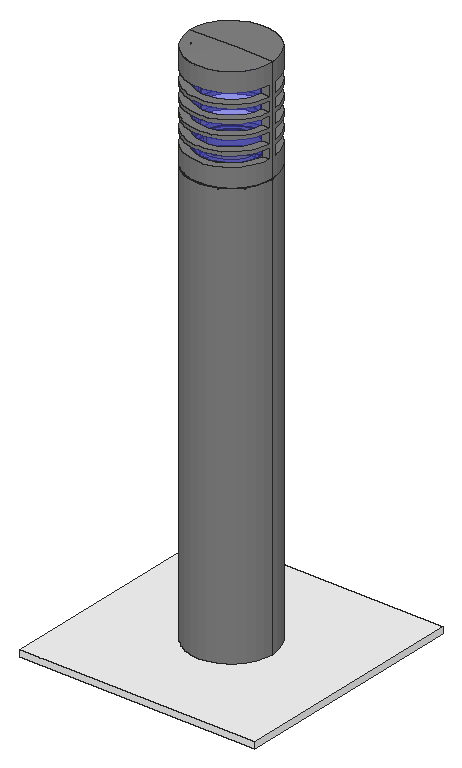
Revit family "BE_84430_de_DE", category Leuchten, Revit 2020
Family settings
  Basisbauteil = Fläche
  Bemaßung runder Anschluss = Durchmesser verwenden
  Teiletyp = Normal
  Beim Laden mit Abzugskörper schneiden = Ja
  Lichtquelle = Ja
  Gemeinsam genutzt = Nein
  Raumberechnungspunkt = Ja
Parameters (values of type "BEGA_84430_Grafit_K3")
  built-in parameter 1150104 = 12.747 (stored number, unit not read)
  Wattage = 8.2 W
  Default Elevation = 0 mm
  built-in parameter 1150113 = 1 (stored number, unit not read)
  built-in parameter 1114218 = 1 (stored number, unit not read)
  Umgebungstemperatur = "25 °C"
  URL = "https://www.bega.com/de/produkt/84430"
  Typenkommentare = "© 2022 BEGA. Wir behalten uns das Recht vor, technische Änderungen ohne vorherige Ankündigung vorzunehmen."  # constant formula
  Type Image = 84430.png
  built-in parameter 1150134 = (empty or 0)
  built-in parameter 1150109 = 1 (stored number, unit not read)
  Strom = ""
  built-in parameter 1150110 = 1 (stored number, unit not read)
  Spannung = 239.996 V
  Sonderanfertigung = no
  Seriennummer [instance] = "Hier können Sie die eindeutige Seriennummer für das Facility Management eintragen."
  Schutzklasse = "I"
  Schutzart = "IP 65"
  Scheinlast = 0 VA
  Produktdatenblatt = "https://cdn.bega.com/bega/products/84430AK3/current/documents/data-sheets/de"
  Oberflächentemperatur = ""
  Neigungswinkel = 0.00°
  Modell = "84430K3"
  Material_18 = BEGA_Gummi_schwarz
  Material_17 = BEGA_Reflektor
  Material_15 = BEGA_Leuchtmedium_matt
  Material_11 = BEGA_Glas_opal
  Material_09 = BEGA_Glas_klar
  Material_08 = BEGA_Oberfläche_Stahl_verzinkt
  Material_06 = BEGA_Oberfläche_Edelstahl_gebürstet
  Material_03 = BEGA_Oberfläche_Weiss_matt
  Material_02 = BEGA_Oberfläche_Silber_matt
  Material_01 [instance] = BEGA_Oberfläche_Grafit_matt
  M_W = no
  M_G = yes
  M_A = no
  Logo = 0
  built-in parameter 1114217 = 1 (stored number, unit not read)
  built-in parameter 1150139 = (empty or 0)
  built-in parameter 1150105 = 89.534 (stored number, unit not read)
  built-in parameter 1150114 = 1 (stored number, unit not read)
  Lumens = 1125.12 lm
  built-in parameter 1150115 = 1 (stored number, unit not read)
  Leuchtenlichtstrom = "331 lm"
  Leuchtenanzahl = ""
  Lebensdauerkriterien = "L70B50 @ 25 °C = 200000 h"
  Lastklassifizierung = Beleuchtung
  built-in parameter 1150112 = 1 (stored number, unit not read)
  Lampenlichtstrom = "1395 lm"
  Lampe = "LED 8 W"
  LED_Modulbezeichnung = "LED-0292/830"
  built-in parameter 1150142 = (empty or 0)
  Hersteller = "BEGA"  # constant formula
  Halbstreuwinkel = ""
  Gewicht = "6.8 kg"
  Gebrauchslageneinschränkung [instance] = ""
  Frequenz = "0/50-60 Hz"
  Farbwiedergabeindex = "CRI > 80"
  Farbtemperaturverschiebung bei Dämpfen der Lampe = <Keine Auswahl>
  Farbtemperatur = "3000 K"
  Color Filter = 16777215
  built-in parameter 1150133 = 10 (stored number, unit not read)
  Energieeffizienzklasse = "LED A++ - A"
  built-in parameter 1150137 = (empty or 0)
  built-in parameter 1150132 = (empty or 0)
  ENEC = "ja"
  Dimmbar [instance] = "DALI"
  Datei für fotometrisches Netz = "BE_84430K3.IES"
  CE_Konformität = "ja"
  Bestellnummer = "84430K3"
  Beschreibung_Sonderanfertigung = "Hier können Sie Informationen zur Sonderanfertigung eintragen."
  Beschreibung = "Garten- und Wegeleuchte"
  built-in parameter 1150106 = 0.89534 (stored number, unit not read)
  Befestigungsbohrung = "Ø 9 mm"
  Befestigungsabstand = ""
  Ballwurfsicher = ""
  BEGA_Intern_aus = yes
  BEGA_Intern_an = yes
  BEGA_Intern_Konstruktion = yes
  BEGA_Intern = yes
  BEGA_IES = yes
  BEGA_Dummy = no
  Anschlussleitung = ""
  Anschlussleistung [instance] = "9.8 W"
  built-in parameter 1150107 = 3000 (stored number, unit not read)
  built-in parameter 1150102 = (empty or 0)
  built-in parameter 1150138 = (empty or 0)
  Aktualisierung = "2022-05-19T04:00:07"
  Abstand_zur_angestrahlten_Fläche [instance] = ""
  AC/DC = "AC/DC"
Types (4, lengths in mm): name | built-in parameter 1150134 | Modell | M_G | M_A | Leuchtenlichtstrom | Lampenlichtstrom | LED_Modulbezeichnung | Farbtemperatur | Datei für fotometrisches Netz | Bestellnummer | built-in parameter 1150107
  BEGA_84430_Silber_K3 | (empty or 0) | "84430AK3" | no | yes | "331 lm" | "1395 lm" | "LED-0292/830" | "3000 K" | "BE_84430K3.IES" | "84430AK3" | 3000 (stored number, unit not read)
  BEGA_84430_Silber_K4 | 12 | "84430AK4" | no | yes | "336 lm" | "1415 lm" | "LED-0292/840" | "4000 K" | "BE_84430K4.IES" | "84430AK4" | 4000 (stored number, unit not read)
  BEGA_84430_Grafit_K3 | (empty or 0) | "84430K3" | yes | no | "331 lm" | "1395 lm" | "LED-0292/830" | "3000 K" | "BE_84430K3.IES" | "84430K3" | 3000 (stored number, unit not read)
  BEGA_84430_Grafit_K4 | 12 | "84430K4" | yes | no | "336 lm" | "1415 lm" | "LED-0292/840" | "4000 K" | "BE_84430K4.IES" | "84430K4" | 4000 (stored number, unit not read)
Reference planes
  plane 1 "Mitte (Vorne/Hinten)": y = 0
  plane 2: z = 0
  plane 3 "Mitte (Links/Rechts)": x = 0
  plane 4 "Links": x = -70
  plane 5 "Rechts": x = 70
  plane 6 "Unten": y = -70
  plane 7 "Oben": y = 70
  plane 8 "Vorne": z = 906.03
  plane 9 "Hinten": z = 0
Forms (mm)
  Extrusion 1, solid, material "BEGA_Platte_Weiss"
    sketch origin (0, -1119.2, 0) x (1, 0, 0) y (0, 1, 0)
      loop
        line (-200, 1319.2) -> (-200, 919.2) -> (200, 919.2) -> (200, 1319.2) -> (-200, 1319.2)
    from 0 to -10
  Extrusion 2, solid, material "BEGA_Dummy_matt", visible <- "BEGA_Dummy"
    sketch origin (77.149, -76.023, 0) x (1, 0, 0) y (0, 1, 0)
      loop
        circle (-77.149, 76.023) r 70
    from 0 to 906.03
Dimensions and locks
  plane 1 "Mitte (Vorne/Hinten)" to Extrusion 1 = 200 mm
  aligned and locked: plane 2 to Extrusion 1
  aligned and locked: level to Extrusion 1
Nested families
  nested 1: "84430" at (0, 0, 0), type "84430"
Connectors
  electrical at (0, 0, 0), driven by "Lastklassifizierung", driven by "Spannung", driven by "Scheinlast"
    settings: index 1, voltage 239.996 V, apparent load 0 VA, apparent load phase1 0 VA, apparent load phase2 0 VA, apparent load phase3 0 VA, power factor 1, load classification "Beleuchtung", number of poles 1, system type 31, power factor state 1, is connector primary yes, connector utility no, sub classification motor no, connector description ""
Definition of nested family "84430"
  Parameters (values of type "84430")
    Default Elevation = 1 mm
    URL = "http://www.bega.de/de/produkt"
    Type Comments = "© 2015 BEGA. Wir behalten uns das Recht vor, technische Änderungen ohne vorherige Ankündigung vorzunehmen. "  # constant formula
    Type Image = (empty or 0)
    Neigungswinkel_um_Z2 = 0.00°
    Neigungswinkel_um_Z1 = 0.00°
    Neigungswinkel_um_Y2 = 0.00°
    Neigungswinkel_um_Y1 = 0.00°
    Neigungswinkel_um_X2 = 0.00°
    Neigungswinkel_um_X1 = 0.00°
    Material_18 = none
    Material_17 = none
    Material_15 = none
    Material_11 = none
    Material_09 = none
    Material_08 = none
    Material_06 = none
    Material_02 = none
    Material_01 = none
    M_W = yes
    M_G = yes
    M_A = yes
    Länge_Platte = 200 mm  # constant formula
    Höhe_Platte = -10 mm  # constant formula
    Manufacturer = "BEGA"  # constant formula
    Drehwinkel_um_Z2 = 0.00°
    Drehwinkel_um_Z1 = 0.00°
    Breite_Platte = 200 mm  # constant formula
  Reference planes
    plane 1 "Mitte (Oben/Unten)": y = 0
    plane 2: z = 0
    plane 3 "Mitte (Links/Rechts)": x = 0
    plane 4 "Links": x = -70
    plane 5 "Rechts": x = 70
    plane 6 "Oben": y = 70
    plane 7 "Unten": y = -70
    plane 8: z = 906.03
    plane 9: z = 0
  Forms (mm)
    Extrusion 1, solid, detail levels medium
      sketch origin (0, 0, 0) x (1, 0, 0) y (0, 1, 0)
        loop
          line (-100, 100) -> (-100, -100) -> (100, -100) -> (100, 100) -> (-100, 100)
      from 0 to -10 <- "Höhe_Platte"
    Revolve 2, solid, material <- "Material_01", visible <- "M_G"
      sketch origin (0, 0, 0) x (1, 0, 0) y (0, 0, 1)
        loop
          line (-70, 725.578) -> (-70, 0) -> (-66.5, 0) -> (-66.5, 711.078) -> (-53.538, 711.078) -> (-53.538, 745.534) -> (-56.685, 745.534) -> (-56.685, 749.545) -> (-59.513, 749.545) -> (-59.513, 727.578) -> (-69, 727.578) -> (-69, 725.578) -> (-70, 725.578)
        axis (0, 749.545) -> (0, 0)
      angle from 0 to 360
    Revolve 3, solid, material <- "Material_18"
      sketch origin (0, 0, 0) x (1, 0, 0) y (0, 0, 1)
        loop
          circle (-54.006, 748.057) r 2.469
        axis (0, 748.057) -> (0, 747.057)
      angle from 0 to 360
    Revolve 4, solid, material <- "Material_11"
      sketch origin (0, 0, 0) x (1, 0, 0) y (0, 0, 1)
        loop
          line (0, 889.668) -> (0, 893.578) -> (-53.516, 893.578) -> (-56.013, 750.499) -> (-47.699, 750.499) -> (-47.699, 726.078) -> (-42, 726.078) -> (-42, 754.609) -> (-51.929, 754.609) -> (-49.572, 889.668) -> (0, 889.668)
        axis (0, 893.578) -> (0, 726.078)
      angle from 0 to 360
    Revolve 5, solid, material <- "Material_01", visible <- "M_G"
      sketch origin (0, 0, 0) x (1, 0, 0) y (0, 0, 1)
        loop
          line (0, 902.317) -> (0, 906.03) -> (-70, 904.853) -> (-70, 727.878) -> (-67, 727.878) -> (-67, 751.878) -> (-57.625, 751.878) -> (-54.999, 902.317) -> (0, 902.317)
        axis (0, 906.03) -> (0, 727.878)
      angle from 0 to 360
    Revolve 6, solid, material <- "Material_08"
      sketch origin (0, 0, 0) x (1, 0, 0) y (0, 0, 1)
        loop
          line (-44.5, 120) -> (-44.5, 3) -> (-42.5, 3) -> (-42.5, 120) -> (-44.5, 120)
        axis (0, 120) -> (0, 3)
      angle from 0 to 360
    Extrusion 7, solid, material <- "Material_08"
      sketch origin (0, 0, 0) x (1, 0, 0) y (0, 1, 0)
        loop
          circle (0, 0) r 47.5
        loop
          arc (-28.061, 21.397) -> (-34.208, 19.75) -> (-32.561, 13.603) r 4.5
          line (-32.561, 13.603) -> (-30.396, 12.352)
          arc (-30.396, 12.352) -> (-24.25, 13.998) -> (-25.891, 20.144) r 4.5
          line (-25.891, 20.144) -> (-28.061, 21.397)
        loop
          line (28.444, 21.594) -> (25.952, 20.191)
          arc (25.952, 20.191) -> (24.147, 14.163) -> (30.125, 12.196) r 4.511
          line (30.125, 12.196) -> (32.567, 13.607)
          arc (32.567, 13.607) -> (34.309, 19.564) -> (28.444, 21.594) r 4.5
        loop
          line (-4.491, -32.221) -> (-4.491, -35.279)
          arc (-4.491, -35.279) -> (0.14, -39.498) -> (4.5, -35) r 4.5
          line (4.5, -35) -> (4.5, -32.5)
          arc (4.5, -32.5) -> (0.14, -28.002) -> (-4.491, -32.221) r 4.5
        loop
          arc (-6.161, -24.624) -> (0, -22.5) -> (6.161, -24.624) r 10
          arc (6.161, -24.624) -> (16.111, -27.784) -> (25.712, -23.694) r 14.991
          arc (25.712, -23.694) -> (30.54, -17.024) -> (33.674, -9.41) r 34.964
          arc (33.674, -9.41) -> (31.697, 0.879) -> (23.495, 7.398) r 15.084
          arc (23.495, 7.398) -> (19.048, 12.099) -> (18.411, 18.538) r 10
          arc (18.411, 18.538) -> (16.071, 27.886) -> (8.545, 33.904) r 15.068
          arc (8.545, 33.904) -> (0.695, 34.957) -> (-7.19, 34.217) r 34.964
          arc (-7.19, 34.217) -> (-15.949, 27.922) -> (-18.198, 17.372) r 14.96
          arc (-18.198, 17.372) -> (-19.496, 11.211) -> (-24.215, 7.043) r 10.011
          arc (-24.215, 7.043) -> (-32.186, -0.215) -> (-33.206, -10.946) r 14.957
          arc (-33.206, -10.946) -> (-30.244, -17.544) -> (-25.986, -23.392) r 34.964
          arc (-25.986, -23.392) -> (-16.313, -27.748) -> (-6.161, -24.624) r 14.967
      from 3 to 0
    Revolve 8, solid, material <- "Material_02", visible <- "M_A"
      sketch origin (0, 0, 0) x (1, 0, 0) y (0, 0, 1)
        loop
          line (-70, 725.578) -> (-70, 0) -> (-66.5, 0) -> (-66.5, 711.078) -> (-53.538, 711.078) -> (-53.538, 745.534) -> (-56.685, 745.534) -> (-56.685, 749.545) -> (-59.513, 749.545) -> (-59.513, 727.578) -> (-69, 727.578) -> (-69, 725.578) -> (-70, 725.578)
        axis (0, 749.545) -> (0, 0)
      angle from 0 to 360
    Extrusion 9, void
      sketch origin (0, 0, 0) x (0, 1, 0) y (0, 0, 1)
        loop
          line (-73.578, 872.572) -> (-73.578, 854.693) -> (-5, 854.693) -> (-5, 872.572) -> (-73.578, 872.572)
        loop
          line (5, 872.572) -> (5, 854.693) -> (73.285, 854.693) -> (73.285, 872.572) -> (5, 872.572)
        loop
          line (-73.578, 848.538) -> (-73.578, 830.713) -> (-5, 830.713) -> (-5, 848.538) -> (-73.578, 848.538)
        loop
          line (5, 848.538) -> (5, 830.713) -> (73.285, 830.713) -> (73.285, 848.538) -> (5, 848.538)
        loop
          line (-73.578, 824.588) -> (-73.578, 806.537) -> (-5, 806.537) -> (-5, 824.588) -> (-73.578, 824.588)
        loop
          line (5, 824.588) -> (5, 806.537) -> (73.285, 806.537) -> (73.285, 824.588) -> (5, 824.588)
        loop
          line (-73.578, 800.788) -> (-73.578, 782.737) -> (-5, 782.737) -> (-5, 800.788) -> (-73.578, 800.788)
        loop
          line (5, 800.788) -> (5, 782.737) -> (73.285, 782.737) -> (73.285, 800.788) -> (5, 800.788)
        loop
          line (-73.578, 776.586) -> (-73.578, 758.669) -> (-5, 758.669) -> (-5, 776.586) -> (-73.578, 776.586)
        loop
          line (5, 776.586) -> (5, 758.669) -> (73.285, 758.669) -> (73.285, 776.586) -> (5, 776.586)
      from -80 to 80
    Revolve 10, solid, material <- "Material_02", visible <- "M_A"
      sketch origin (0, 0, 0) x (1, 0, 0) y (0, 0, 1)
        loop
          line (0, 902.317) -> (0, 906.03) -> (-70, 904.853) -> (-70, 727.878) -> (-67, 727.878) -> (-67, 751.878) -> (-57.625, 751.878) -> (-54.999, 902.317) -> (0, 902.317)
        axis (0, 906.03) -> (0, 727.878)
      angle from 0 to 360
  Cuts and joins
    joined: Revolve 6, Extrusion 7
    Extrusion 9 cuts Revolve 5
    Extrusion 9 cuts Revolve 10
  Dimensions and locks
    equal spacing: Extrusion 1 sketch curve, plane 3 "Mitte (Links/Rechts)", Extrusion 1 sketch curve
    equal spacing: Extrusion 1 sketch curve, plane 1 "Mitte (Oben/Unten)", Extrusion 1 sketch curve
    "Länge_Platte": Extrusion 1 sketch curve to Extrusion 1 sketch curve
    "Breite_Platte": Extrusion 1 sketch curve to Extrusion 1 sketch curve
    Extrusion 9 sketch curve to plane 1 "Mitte (Oben/Unten)" = 5 mm
    plane 1 "Mitte (Oben/Unten)" to Extrusion 9 sketch curve = 5 mm
    aligned and locked: plane 2 to Extrusion 1
    aligned and locked: level to Extrusion 1
  Automatic sketch dimensions
    Revolve 6 sketch curve to plane 3 "Mitte (Links/Rechts)" = 0 mm
    Revolve 6 sketch curve to plane 3 "Mitte (Links/Rechts)" = 42.5 mm
    Revolve 6 sketch curve to Revolve 6 sketch curve = 2 mm
    Revolve 6 sketch curve to Revolve 6 sketch curve = 383 mm
    Revolve 6 sketch curve to Revolve 6 sketch curve = 10 mm
    level to Revolve 6 sketch curve = 3 mm
    level to Revolve 6 sketch curve = 120 mm
    Revolve 4 sketch curve to plane 3 "Mitte (Links/Rechts)" = 0 mm  (x2)
    plane 4 "Links" to Revolve 4 sketch curve = 28 mm
    Revolve 4 sketch curve to Revolve 4 sketch curve = 5.699 mm
    plane 4 "Links" to Revolve 4 sketch curve = 20.428 mm
    Revolve 4 sketch curve to Revolve 4 sketch curve = 4.23 mm
    Revolve 4 sketch curve to Revolve 4 sketch curve = 3.944 mm
    Revolve 4 sketch curve to Revolve 4 sketch curve = 4.084 mm
    Revolve 4 sketch curve to plane 8 = 179.952 mm
    Revolve 4 sketch curve to Revolve 4 sketch curve = 24.42 mm
    Revolve 4 sketch curve to Revolve 4 sketch curve = 4.111 mm
    Revolve 4 sketch curve to plane 8 = 16.362 mm
    Revolve 4 sketch curve to Revolve 4 sketch curve = 3.91 mm
    Revolve 4 sketch curve to Revolve 4 sketch curve = 46.854 mm
    Revolve 4 sketch curve to plane 8 = 1.806 mm
    Revolve 3 sketch curve to plane 3 "Mitte (Links/Rechts)" = 0 mm
    plane 4 "Links" to Revolve 3 sketch curve = 15.994 mm
    Revolve 3 sketch curve to plane 8 = 157.974 mm
    Revolve 3 sketch curve to Revolve 3 sketch curve = 38.573 mm
    Revolve 3 sketch curve to Revolve 3 sketch curve = 17.911 mm
    Revolve 2 sketch curve to level = 0 mm
    Revolve 2 sketch curve to plane 4 "Links" = 0 mm
    Revolve 2 sketch curve to plane 3 "Mitte (Links/Rechts)" = 0 mm
    plane 4 "Links" to Revolve 2 sketch curve = 1 mm
    Revolve 2 sketch curve to Revolve 2 sketch curve = 2.5 mm
    plane 4 "Links" to Revolve 2 sketch curve = 10.487 mm
    Revolve 2 sketch curve to Revolve 2 sketch curve = 2.828 mm
    Revolve 2 sketch curve to Revolve 2 sketch curve = 3.147 mm
    Revolve 2 sketch curve to plane 8 = 180.452 mm
    Revolve 2 sketch curve to Revolve 2 sketch curve = 2 mm
    Revolve 2 sketch curve to Revolve 2 sketch curve = 17.956 mm
    Revolve 2 sketch curve to Revolve 2 sketch curve = 4.011 mm
    level to Revolve 2 sketch curve = 249.238 mm
    Revolve 2 sketch curve to Revolve 2 sketch curve = 21.293 mm
    Revolve 2 sketch curve to Revolve 2 sketch curve = 14.5 mm
    Revolve 8 sketch curve to level = 0 mm
    Revolve 8 sketch curve to plane 4 "Links" = 0 mm
    Revolve 8 sketch curve to plane 3 "Mitte (Links/Rechts)" = 0 mm
    plane 4 "Links" to Revolve 8 sketch curve = 1 mm
    Revolve 8 sketch curve to Revolve 8 sketch curve = 3.5 mm
    plane 4 "Links" to Revolve 8 sketch curve = 10.487 mm
    Revolve 8 sketch curve to Revolve 8 sketch curve = 2.828 mm
    Revolve 8 sketch curve to Revolve 8 sketch curve = 3.147 mm
    Revolve 8 sketch curve to plane 8 = 194.952 mm
    Revolve 8 sketch curve to Revolve 8 sketch curve = 14.5 mm
    Revolve 8 sketch curve to Revolve 8 sketch curve = 2 mm
    Revolve 8 sketch curve to Revolve 8 sketch curve = 17.956 mm
    Revolve 8 sketch curve to Revolve 8 sketch curve = 4.011 mm
    level to Revolve 8 sketch curve = 249.238 mm
    Revolve 8 sketch curve to Revolve 8 sketch curve = 4.793 mm
    Extrusion 7 sketch curve to Extrusion 7 sketch curve = 0 mm  (x12)
    plane 1 "Mitte (Oben/Unten)" to Extrusion 7 sketch curve = 0 mm
    Extrusion 7 sketch curve to plane 3 "Mitte (Links/Rechts)" = 0 mm  (x3)
    Extrusion 7 sketch curve to plane 3 "Mitte (Links/Rechts)" = 3.427 mm
    Extrusion 7 sketch curve to plane 3 "Mitte (Links/Rechts)" = 15.403 mm
    Extrusion 7 sketch curve to Extrusion 7 sketch curve = 3.404 mm
    Extrusion 7 sketch curve to Extrusion 7 sketch curve = 0.085 mm
    Extrusion 7 sketch curve to Extrusion 7 sketch curve = 2.165 mm  (x3)
    plane 3 "Mitte (Links/Rechts)" to Extrusion 7 sketch curve = 3.391 mm
    plane 3 "Mitte (Links/Rechts)" to Extrusion 7 sketch curve = 15.403 mm
    Extrusion 7 sketch curve to Extrusion 7 sketch curve = 3.391 mm
    Extrusion 7 sketch curve to Extrusion 7 sketch curve = 9.351 mm
    plane 1 "Mitte (Oben/Unten)" to Extrusion 7 sketch curve = 6.901 mm
    plane 1 "Mitte (Oben/Unten)" to Extrusion 7 sketch curve = 6.935 mm
    Extrusion 7 sketch curve to Extrusion 7 sketch curve = 5.908 mm
    Extrusion 7 sketch curve to Extrusion 7 sketch curve = 5.874 mm
    Extrusion 7 sketch curve to Extrusion 7 sketch curve = 19.691 mm
    Extrusion 7 sketch curve to plane 1 "Mitte (Oben/Unten)" = 16.25 mm
    Extrusion 7 sketch curve to Extrusion 7 sketch curve = 1.25 mm  (x2)
    Extrusion 7 sketch curve to plane 1 "Mitte (Oben/Unten)" = 19.738 mm
    Extrusion 7 sketch curve to Extrusion 7 sketch curve = 0.006 mm
    Extrusion 7 sketch curve to Extrusion 7 sketch curve = 3.897 mm
    Extrusion 7 sketch curve to plane 3 "Mitte (Links/Rechts)" = 6.161 mm
    Extrusion 7 sketch curve to plane 3 "Mitte (Links/Rechts)" = 7.19 mm
    Extrusion 7 sketch curve to Extrusion 7 sketch curve = 0.02 mm
    Extrusion 7 sketch curve to Extrusion 7 sketch curve = 9.947 mm
    Extrusion 7 sketch curve to plane 1 "Mitte (Oben/Unten)" = 7.043 mm
    Extrusion 7 sketch curve to Extrusion 7 sketch curve = 3.931 mm
    Extrusion 7 sketch curve to Extrusion 7 sketch curve = 2.17 mm
    Extrusion 7 sketch curve to Extrusion 7 sketch curve = 2.25 mm
    Extrusion 7 sketch curve to plane 1 "Mitte (Oben/Unten)" = 12.352 mm
    Extrusion 7 sketch curve to Extrusion 7 sketch curve = 0.001 mm  (x3)
    Extrusion 7 sketch curve to plane 1 "Mitte (Oben/Unten)" = 13.602 mm
    Extrusion 7 sketch curve to Extrusion 7 sketch curve = 7.22 mm
    plane 3 "Mitte (Links/Rechts)" to Extrusion 7 sketch curve = 4.5 mm
    plane 3 "Mitte (Links/Rechts)" to Extrusion 7 sketch curve = 6.161 mm
    plane 3 "Mitte (Links/Rechts)" to Extrusion 7 sketch curve = 8.545 mm
    Extrusion 7 sketch curve to Extrusion 7 sketch curve = 0.005 mm
    Extrusion 7 sketch curve to Extrusion 7 sketch curve = 9.735 mm
    Extrusion 7 sketch curve to plane 1 "Mitte (Oben/Unten)" = 7.398 mm
    Extrusion 7 sketch curve to Extrusion 7 sketch curve = 4.651 mm
    Extrusion 7 sketch curve to Extrusion 7 sketch curve = 19.545 mm
    Extrusion 7 sketch curve to Extrusion 7 sketch curve = 2.194 mm
    Extrusion 7 sketch curve to Extrusion 7 sketch curve = 0.007 mm
    Extrusion 7 sketch curve to Extrusion 7 sketch curve = 2.499 mm
    Extrusion 7 sketch curve to Extrusion 7 sketch curve = 1.979 mm
    Extrusion 7 sketch curve to plane 1 "Mitte (Oben/Unten)" = 12.196 mm
    Extrusion 7 sketch curve to plane 1 "Mitte (Oben/Unten)" = 13.607 mm
    Extrusion 7 sketch curve to Extrusion 7 sketch curve = 2.443 mm
    plane 1 "Mitte (Oben/Unten)" to Extrusion 7 sketch curve = 9.41 mm
    Extrusion 7 sketch curve to Extrusion 7 sketch curve = 7.876 mm
    Extrusion 7 sketch curve to Extrusion 7 sketch curve = 3.058 mm
    Extrusion 7 sketch curve to Extrusion 7 sketch curve = 2.5 mm
    Extrusion 7 sketch curve to Extrusion 7 sketch curve = 0.012 mm
    Extrusion 7 sketch curve to Extrusion 7 sketch curve = 0.026 mm
    Extrusion 7 sketch curve to Extrusion 7 sketch curve = 1.253 mm
    Revolve 5 sketch curve to plane 4 "Links" = 0 mm
    Revolve 5 sketch curve to plane 3 "Mitte (Links/Rechts)" = 0 mm  (x2)
    Revolve 5 sketch curve to plane 8 = 0 mm
    Revolve 5 sketch curve to Revolve 5 sketch curve = 3 mm
    Revolve 5 sketch curve to plane 8 = 1.178 mm
    Revolve 5 sketch curve to Revolve 5 sketch curve = 150.439 mm
    Revolve 5 sketch curve to Revolve 5 sketch curve = 24 mm
    Revolve 5 sketch curve to Revolve 5 sketch curve = 9.375 mm
    plane 4 "Links" to Revolve 5 sketch curve = 15.001 mm
    Revolve 5 sketch curve to plane 8 = 3.713 mm
    Revolve 5 sketch curve to Revolve 5 sketch curve = 1.079 mm
    Revolve 5 sketch curve to Revolve 5 sketch curve = 0.589 mm
    plane 1 "Mitte (Oben/Unten)" to Extrusion 9 sketch curve = 5 mm  (x4)
    Extrusion 9 sketch curve to plane 7 "Unten" = 3.578 mm  (x5)
    Extrusion 9 sketch curve to plane 1 "Mitte (Oben/Unten)" = 5 mm  (x4)
    plane 6 "Oben" to Extrusion 9 sketch curve = 3.285 mm  (x5)
    Extrusion 9 sketch curve to plane 8 = 147.362 mm
    Extrusion 9 sketch curve to Extrusion 9 sketch curve = 0 mm
    Extrusion 9 sketch curve to Extrusion 9 sketch curve = 17.917 mm  (x2)
    Extrusion 9 sketch curve to Extrusion 9 sketch curve = 6.151 mm  (x2)
    Extrusion 9 sketch curve to Extrusion 9 sketch curve = 18.051 mm  (x4)
    Extrusion 9 sketch curve to Extrusion 9 sketch curve = 5.75 mm  (x2)
    Extrusion 9 sketch curve to Extrusion 9 sketch curve = 6.125 mm  (x2)
    Extrusion 9 sketch curve to Extrusion 9 sketch curve = 17.825 mm  (x2)
    Extrusion 9 sketch curve to Extrusion 9 sketch curve = 6.155 mm  (x2)
    Extrusion 9 sketch curve to Extrusion 9 sketch curve = 17.879 mm  (x2)
    Revolve 10 sketch curve to plane 4 "Links" = 0 mm
    Revolve 10 sketch curve to plane 3 "Mitte (Links/Rechts)" = 0 mm  (x2)
    Revolve 10 sketch curve to plane 8 = 0 mm
    Revolve 10 sketch curve to Revolve 10 sketch curve = 3 mm
    Revolve 10 sketch curve to Revolve 10 sketch curve = 9.375 mm
    Revolve 10 sketch curve to plane 8 = 3.713 mm
    plane 4 "Links" to Revolve 10 sketch curve = 15.001 mm
    Revolve 10 sketch curve to Revolve 10 sketch curve = 150.439 mm
    Revolve 10 sketch curve to Revolve 10 sketch curve = 24 mm
    Revolve 10 sketch curve to plane 8 = 1.178 mm
    Revolve 10 sketch curve to Revolve 10 sketch curve = 1.079 mm
    Revolve 10 sketch curve to Revolve 10 sketch curve = 0.589 mm
    radius of Revolve 3 sketch curve = 2.469 mm
    radius of Extrusion 7 sketch curve = 47.5 mm
